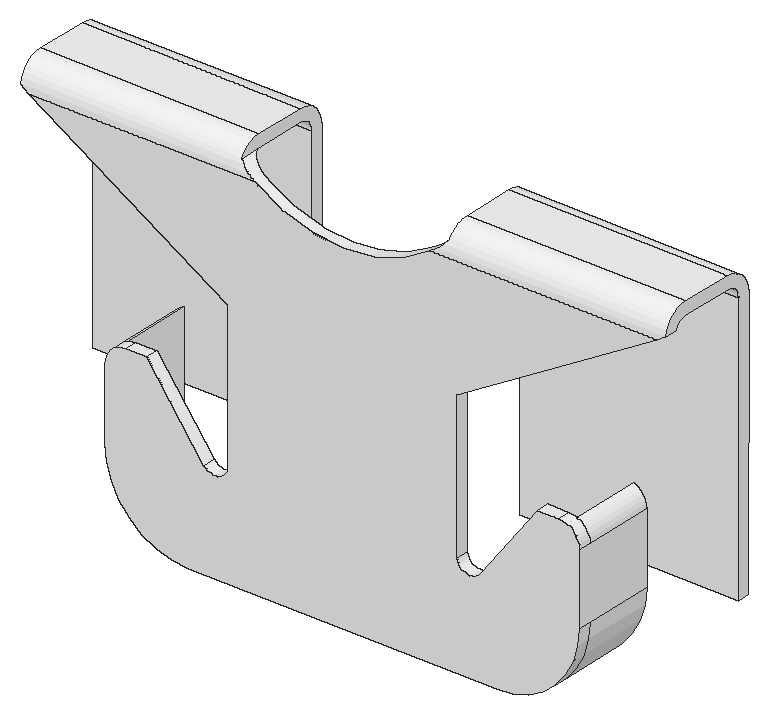
Revit family "sclip_10", category 機械設備, Revit 2022
Family settings
  丸型コネクタ寸法 = 直径を使用
  種別 = なし
  パーツ タイプ = 標準
  作業面ベース = いいえ
  常に垂直 = はい
  ロード時にボイドで切り取り = いいえ
  注釈の向きを維持 = いいえ
  共有 = いいえ
  部屋計算ポイント = いいえ
Parameters
  製造元 = "株式会社桐井製作所"
  既定の高さ = 0 mm
  URL = "https://www.kirii.co.jp/"
  K_品名 = "特殊10mmSクリップ"
  K_名称 = "特殊クリップ"
  K_入数 = "2000"
  K_バージョン情報 = "20211012"
Reference planes
  plane 1 "中心(正面/背面)": y = 0
  plane 2: z = 0
  plane 3 "中心(左/右)": x = 0
Forms (mm)
  Extrusion 1, solid
    sketch origin (0, 30, 0) x (0, 1, 0) y (0, 0, 1)
      loop
        line (-30, 0) -> (-29.4, -0.6) -> (-29.4, 17.75)
        arc (-29.4, 17.75) -> (-29.21, 18.21) -> (-28.75, 18.4) r 0.65
        line (-28.75, 18.4) -> (-26.25, 18.4)
        arc (-26.25, 18.4) -> (-25.79, 18.21) -> (-25.6, 17.75) r 0.65
        line (-25.6, 17.75) -> (-25.6, 4.129) -> (-25, 4.729) -> (-25, 17.75)
        arc (-25, 17.75) -> (-25.366, 18.634) -> (-26.25, 19) r 1.25
        line (-26.25, 19) -> (-28.75, 19)
        arc (-28.75, 19) -> (-29.634, 18.634) -> (-30, 17.75) r 1.25
        line (-30, 17.75) -> (-30, 0)
    from -15.5 to 15.5
  Extrusion 2, void
    sketch origin (0, 0, 0) x (1, 0, 0) y (0, 0, 1)
      loop
        line (-5.5, 12) -> (-15.5, 18) -> (-15.5, 0) -> (-7.4, 0)
        arc (-7.4, 0) -> (-10.228, 1.172) -> (-11.4, 4) r 4
        line (-11.4, 4) -> (-11.4, 7.4)
        arc (-11.4, 7.4) -> (-11.107, 8.107) -> (-10.4, 8.4) r 1
        line (-10.4, 8.4) -> (-9.4, 8.4) -> (-6.65, 4.702)
        arc (-6.65, 4.702) -> (-5.975, 4.464) -> (-5.5, 5) r 0.641
        line (-5.5, 5) -> (-5.5, 12)
      loop
        line (5.5, 12) -> (5.5, 5)
        arc (5.5, 5) -> (5.975, 4.464) -> (6.65, 4.702) r 0.641
        line (6.65, 4.702) -> (9.4, 8.4) -> (10.4, 8.4)
        arc (10.4, 8.4) -> (11.107, 8.107) -> (11.4, 7.4) r 1
        line (11.4, 7.4) -> (11.4, 4)
        arc (11.4, 4) -> (10.228, 1.172) -> (7.4, 0) r 4
        line (7.4, 0) -> (15.5, 0) -> (15.5, 18) -> (5.5, 12)
    from -0.828 to 0.213
  Extrusion 3, void
    sketch origin (0.081, 0, -0.611) x (1, 0, 0) y (0, 0, 1)
      loop
        arc (-5.081, 19.011) -> (-0.081, 17.011) -> (4.919, 19.011) r 7.25
        line (4.919, 19.011) -> (4.919, 19.969) -> (-5.081, 19.969) -> (-5.081, 19.011)
    from -3.583 to 0.213
  Extrusion 4, void
    sketch origin (0, -0.6, -0.8) x (0, 1, 0) y (0, 0, 1)
      loop
        line (0.387, 0.8) -> (0.387, -0.064) -> (1.428, -0.064) -> (1.428, 0.8) -> (0.387, 0.8)
    from -15.5 to 15.5
  Extrusion 5, solid
    sketch origin (0, 0, 0) x (1, 0, 0) y (0, 0, 1)
      loop
        arc (-11.4, 4) -> (-10.228, 1.172) -> (-7.4, 0) r 4
        line (-7.4, 0) -> (7.4, 0)
        arc (7.4, 0) -> (10.228, 1.172) -> (11.4, 4) r 4
        line (11.4, 4) -> (11.4, 7.4)
        arc (11.4, 7.4) -> (11.237, 7.948) -> (10.8, 8.317) r 1
        line (10.8, 8.317) -> (10.8, 4)
        arc (10.8, 4) -> (9.804, 1.596) -> (7.4, 0.6) r 3.4
        line (7.4, 0.6) -> (-7.4, 0.6)
        arc (-7.4, 0.6) -> (-9.804, 1.596) -> (-10.8, 4) r 3.4
        line (-10.8, 4) -> (-10.8, 8.317)
        arc (-10.8, 8.317) -> (-11.237, 7.948) -> (-11.4, 7.4) r 1
        line (-11.4, 7.4) -> (-11.4, 4)
    from -4 to 0
  Extrusion 6, void
    sketch origin (0, -11.6, -15.017) x (0, 1, 0) y (0, 0, 1)
      loop
        line (15.842, 19.745) -> (15.842, 18.925) -> (16.756, 18.925) -> (16.756, 19.745) -> (15.842, 19.745)
    from -15.5 to 15.5
  Extrusion 7, void
    sketch origin (0, 0, 0) x (1, 0, 0) y (0, 0, 1)
      loop
        line (-5, 19.358) -> (-5, 4.729) -> (5, 4.729) -> (5, 19.358) -> (-5, 19.358)
    from -3.583 to -5.28
Cuts and joins
  Extrusion 2, Extrusion 3, Extrusion 4, Extrusion 6, Extrusion 7 cuts Extrusion 1
  joined: Extrusion 1, Extrusion 5
Dimensions and locks
  aligned and locked: level to plane 2
